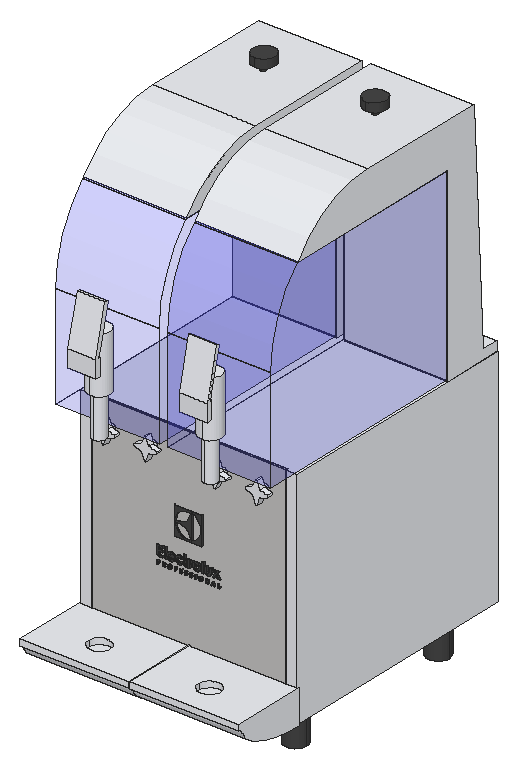
Revit family "QF_ELECTROLUXPROFESSIONAL_562534_IPRO2MUVR290", category Attrezzature speciali, Revit 2020
Family settings
  Quota connettore circolare = Usa diametro
  Tipo di parte = Normale
  Basato su piano di lavoro = No
  Sempre verticale = Sì
  Taglio con vuoti quando caricato = No
  Condiviso = No
  Punto di calcolo locali = No
Parameters (values of type "Standard")
  Weight = 60.00 kg
  Watts = 810 W
  Volts = 220 V
  URL Manufacturer = "https://www.electroluxprofessional.com/"
  URL = "https://www.electroluxprofessional.com/"
  Steam Supply Size = 0 mm
  Steam Supply Minimum Pressure = 0.0 Pa
  Steam Supply Maximum Pressure = 0.0 Pa
  Steam Consumption per Hour = 0
  Show Logo [instance] = yes
  Show Clearance [instance] = yes
  Refrigeration Suction Line Size = 0 mm
  Refrigeration Liquid Line Size = 0 mm
  Refrigerant Compressor Remote = yes
  Prospetto di default = 0 mm
  Produttore = "Electrolux Professional"
  Phase = 1
  Modello = "IPRO2MUVR290"
  Length Actual = 400 mm  # constant formula
  Item Number = "562534"
  Hot Water Size = 0 mm
  Height Actual = 870 mm  # constant formula
  HP = "1.1 HP"
  Gas Size = 0 mm
  Gas KW = 0
  Gas Input Pressure = 0 W
  Direct Waste Size = 0 mm
  Descrizione = "2X11 LT BOWL - FROZEN GRANITA DISPENSER - MECHANICAL CONTROL - 2 INSULATED BOWLS - UV LIGHT, R290"
  Depth Actual = 580 mm  # constant formula
  Cycle = 50 Hz
  Condensate Return Size = 0 mm
  Compressed Air Volume = 0.0 L/s
  Compressed Air Size = 0 mm
  Compressed Air Pressure = 0.0 Pa
  Cold Water Size = 0 mm
  Accessory = yes
Reference planes
  plane 1: z = 0
  plane 2 "LEFT": x = -300
  plane 3 "BACK": y = 282.5
  plane 4 "FRONT": y = -301.5
  plane 5: z = 873
  plane 6 "RIGHT": x = 95
  plane 7: x = -102.5
  plane 8: y = -282.5
  plane 9: x = -202.5
  plane 10: x = -2.5
  plane 11: z = 445
  plane 12: z = 677.97
  plane 13: z = 110
  plane 14: z = 900
  plane 15: through (60, -104.25, 3830) normal (-0.7071, -0.7071, 0)
  plane 16: through (60, -84.25, 3830) normal (0.7071, -0.7071, 0)
Forms (mm)
  Extrusion 1, solid, material "QF_Finishes_White"
    sketch origin (0, 0, 0) x (1, 0, 0) y (0, 1, 0)
      loop
        line (-296.5, 282.5) -> (-296.5, -167.5) -> (-276.5, -167.5) -> (-276.5, -162.5) -> (71.5, -162.5) -> (71.5, -167.5) -> (91.5, -167.5) -> (91.5, 282.5) -> (-296.5, 282.5)
    from 50 to 453
  Extrusion 2, solid, material "QF_Finishes_Stainless Steel"
    sketch origin (0, 0, 0) x (1, 0, 0) y (0, 1, 0)
      loop
        line (71, -163) -> (-276, -163) -> (-276, -167.5) -> (71, -167.5) -> (71, -163)
    from 110 to 453
  Extrusion 3, solid, material "QF_Finishes_Stainless Steel"
    sketch origin (-367.596, -267.273, 48) x (0, -1, 0) y (1, 0, 0)
      loop
        line (-163.023, 407.596) -> (-163.023, 427.596) -> (-183.023, 427.596) -> (-183.023, 407.596) -> (-163.023, 407.596)
    from 0 to 2
Dimensions and locks
  plane 3 "BACK" to plane 4 "FRONT" = 584 mm  (x3)
  plane 5 to level = 873 mm  (x2)
  plane 2 "LEFT" to plane 6 "RIGHT" = 395 mm
  equal spacing: plane 2 "LEFT", plane 7, plane 6 "RIGHT"
  plane 3 "BACK" to plane 8 = 565 mm
  plane 10 to plane 9 = 200 mm
  plane 12 to plane 11 = 232.97 mm
  level to plane 14 = 900 mm
  plane 13 to level = 110 mm
  plane 11 to plane 13 = 335 mm
  plane 6 "RIGHT" to plane 2 "LEFT" = 395 mm
  aligned and locked: level to plane 1
Automatic sketch dimensions
  Extrusion 1 sketch curve to plane 3 "BACK" = 0 mm
  plane 2 "LEFT" to Extrusion 1 sketch curve = 3.5 mm
  Extrusion 1 sketch curve to Extrusion 1 sketch curve = 20 mm
  Extrusion 1 sketch curve to plane 6 "RIGHT" = 23.5 mm
  Extrusion 1 sketch curve to plane 6 "RIGHT" = 3.5 mm
  Extrusion 1 sketch curve to plane 8 = 120 mm
  Extrusion 1 sketch curve to Extrusion 1 sketch curve = 5 mm  (x2)
  plane 2 "LEFT" to Extrusion 2 sketch curve = 24 mm
  Extrusion 2 sketch curve to plane 6 "RIGHT" = 24 mm
  Extrusion 2 sketch curve to plane 8 = 115 mm
  Extrusion 2 sketch curve to Extrusion 2 sketch curve = 4.5 mm
  Extrusion 3 sketch curve to plane 15 = 0 mm
  plane 16 to Extrusion 3 sketch curve = 0 mm
  Extrusion 3 sketch curve to plane 16 = 0 mm
  plane 10 to Extrusion 3 sketch curve = 42.5 mm
Nested families
  nested 1: "BOCCHETTONE BEVERAGE" at (-202.5, -260.625, 445), type "BOCCHETTONE BEVERAGE"
  nested 2: "BOCCHETTONE BEVERAGE" at (-2.5, -260.625, 445), type "BOCCHETTONE BEVERAGE"
  nested 3: "MANOPOLA BEVERAGE" at (-240, -167.5, 413) x (0, 0, 1) z (0, -1, 0), type "MANOPOLA BEVERAGE"
  nested 4: "MANOPOLA BEVERAGE" at (-165, -167.5, 413) x (0, 0, 1) z (0, -1, 0), type "MANOPOLA BEVERAGE"
  nested 5: "MANOPOLA BEVERAGE" at (35, -167.5, 413) x (0, 0, 1) z (0, -1, 0), type "MANOPOLA BEVERAGE"
  nested 6: "MANOPOLA BEVERAGE" at (-40, -167.5, 413) x (0, 0, 1) z (0, -1, 0), type "MANOPOLA BEVERAGE"
  nested 7: "MANOPOLA APERTURA BEVERAGE " at (-202.5, 125, 873) x (0, 1, 0) z (0, 0, 1), type "MANOPOLA APERTURA BEVERAGE "
  nested 8: "MANOPOLA APERTURA BEVERAGE " at (-2.5, 125, 873) x (0, 1, 0) z (0, 0, 1), type "MANOPOLA APERTURA BEVERAGE "
  nested 9: "ELXP_LOGO_ONLY_MEDIUM" at (-102.5, -167.5, 303) x (1, 0, 0) z (0, -1, 0), Show Logo <- "Show Logo", visible <- "Show Logo", type "ELXP_LOGO_ONLY_MEDIUM"
    with Show Logo yes
  nested 10: "ELX_LOGO_WORDS_MEDIUM" at (-102.5, -167.5, 238) x (1, 0, 0) z (0, -1, 0), visible <- "Show Logo", Show Logo <- "Show Logo", type "ELX_LOGO_WORDS_MEDIUM"
    with Show Logo yes
  nested 11: "VASCHETTA BEVERAGE" at (-201.25, -167.5, 80) x (1, 0, 0) z (0, -1, 0), type "VASCHETTA BEVERAGE"
  nested 12: "VASCHETTA BEVERAGE" at (-3.75, -167.5, 80) x (-1, 0, 0) z (0, -1, 0), type "VASCHETTA BEVERAGE"
  nested 13: "PORTAGRANITE BEVERAGE" at (-202.5, 28.972, 453), type "PORTAGRANITE BEVERAGE"
  nested 14: "PORTAGRANITE BEVERAGE" at (-2.5, 28.972, 453) x (-1, 0, 0) z (0, 0, 1), type "PORTAGRANITE BEVERAGE"
  nested 15: "Piedino 50x40 BEVERAGE" at (-268.5, 184.5, 0), type "Piedino 50x40 BEVERAGE"
    with H 150 mm
  nested 16: "Piedino 50x40 BEVERAGE" at (-268.5, -135.5, 0), type "Piedino 50x40 BEVERAGE"
    with H 150 mm
  nested 17: "Piedino 50x40 BEVERAGE" at (63.5, 184.5, 0) x (-1, 0, 0) z (0, 0, 1), type "Piedino 50x40 BEVERAGE"
    with H 150 mm
  nested 18: "Piedino 50x40 BEVERAGE" at (63.5, -135.5, 0) x (-1, 0, 0) z (0, 0, 1), type "Piedino 50x40 BEVERAGE"
    with H 150 mm
Connectors
  electrical at (50, -94.25, 48), driven by "Volts"
    settings: on Extrusion 3, index 72, voltage 220 V, apparent load 0 VA, apparent load phase1 0 VA, apparent load phase2 0 VA, apparent load phase3 0 VA, power factor 1, load classification "Altro", number of poles 1, system type 30, power factor state 1, is connector primary yes, connector utility no, sub classification motor no, connector description "Electrical Connection"
Definition of nested family "BOCCHETTONE BEVERAGE"
  Parameters (values of type "BOCCHETTONE BEVERAGE")
    Default Elevation = 1219.2 mm
  Reference planes
    plane 1 "Centro (Fronte/Retro)": y = 0
    plane 2: z = 0
    plane 3 "Centro (Sinistra/Destra)": x = 0
    plane 4: z = 233
    plane 5: y = -22
  Forms (mm)
    Extrusion 1, solid
      sketch origin (0, 0, 0) x (1, 0, 0) y (0, 1, 0)
        loop
          line (-1219.2, 1219.2) -> (-1219.2, -1219.2) -> (1219.2, -1219.2) -> (1219.2, 1219.2) -> (-1219.2, 1219.2)
      from 0 to -304.8
    Extrusion 2, solid
      sketch origin (0, 15.961, 0) x (0, -1, 0) y (1, 0, 0)
        loop
          circle (0, 0) r 12
      from 0 to 75
    Extrusion 3, solid
      sketch origin (0, 15.961, 75) x (0, -1, 0) y (1, 0, 0)
        loop
          circle (0, 0) r 20
      from 0 to 100
    Extrusion 4, void
      sketch origin (0, 0, 0) x (1, 0, 0) y (0, 1, 0)
        loop
          line (-27.179, -16.141) -> (-21.226, -10.188) -> (-6.226, -10.188) -> (-6.226, 12.684) -> (-27.179, 12.684) -> (-27.179, -16.141)
        loop
          line (27.179, -16.141) -> (27.179, 12.684) -> (6.226, 12.684) -> (6.226, -10.188) -> (21.226, -10.188) -> (27.179, -16.141)
      from 104.337 to 159.894
    Extrusion 5, solid
      sketch origin (25, 15.961, 29.221) x (0, -1, 0) y (0, 0, 1)
        loop
          line (11.922, 118.779) -> (11.922, 88.779) -> (37.961, 88.779) -> (37.961, 119.393) -> (16.929, 203.749) -> (12.077, 202.539) -> (32.961, 118.779) -> (11.922, 118.779)
      from 0 to 50
  Cuts and joins
    Extrusion 4 cuts Extrusion 5
    joined: Extrusion 3, Extrusion 5
  Dimensions and locks
    Extrusion 1 to plane 4 = 233 mm
    aligned and locked: plane 2 to Extrusion 1
    aligned and locked: level to Extrusion 1
Definition of nested family "MANOPOLA BEVERAGE"
  Parameters (values of type "MANOPOLA BEVERAGE")
    Default Elevation = 1219.2 mm
  Reference planes
    plane 1 "Centro (Fronte/Retro)": y = 0
    plane 2: z = 0
    plane 3 "Centro (Sinistra/Destra)": x = 0
    plane 4: z = 20
  Forms (mm)
    Extrusion 1, solid
      sketch origin (0, 0, 0) x (1, 0, 0) y (0, 1, 0)
        loop
          line (-1219.2, 1219.2) -> (-1219.2, -1219.2) -> (1219.2, -1219.2) -> (1219.2, 1219.2) -> (-1219.2, 1219.2)
      from 0 to -304.8
    Extrusion 2, solid
      sketch origin (0, 0, 10) x (1, 0, 0) y (0, 1, 0)
        loop
          line (-20, -1.333) -> (-6.314, -6.314) -> (-1.333, -20) -> (1.333, -20) -> (6.314, -6.314) -> (20, -1.333) -> (20, 1.333) -> (6.314, 6.314) -> (1.333, 20) -> (-1.333, 20) -> (-6.314, 6.314) -> (-20, 1.333) -> (-20, -1.333)
      from 0 to 10
    Extrusion 3, solid
      sketch origin (0, 0, 0) x (1, 0, 0) y (0, 1, 0)
        loop
          circle (0, 0) r 5
      from 0 to 10
  Dimensions and locks
    aligned and locked: plane 2 to Extrusion 1
    aligned and locked: level to Extrusion 1
Definition of nested family "MANOPOLA APERTURA BEVERAGE "
  Parameters (values of type "MANOPOLA APERTURA BEVERAGE ")
    Default Elevation = 1219.2 mm
  Reference planes
    plane 1 "Centro (Fronte/Retro)": y = 0
    plane 2: z = 0
    plane 3 "Centro (Sinistra/Destra)": x = 0
    plane 4: z = 27
  Forms (mm)
    Extrusion 1, solid
      sketch origin (0, 0, 0) x (1, 0, 0) y (0, 1, 0)
        loop
          line (-1219.2, 1219.2) -> (-1219.2, -1219.2) -> (1219.2, -1219.2) -> (1219.2, 1219.2) -> (-1219.2, 1219.2)
      from 0 to -304.8
    Extrusion 2, solid
      sketch origin (0, 0, 0) x (1, 0, 0) y (0, 1, 0)
        loop
          circle (0, 0) r 5
      from 0 to 12
    Extrusion 3, solid
      sketch origin (0, 0, 12) x (1, 0, 0) y (0, 1, 0)
        loop
          circle (0, 0) r 20
      from 0 to 15
  Dimensions and locks
    Extrusion 1 to plane 4 = 27 mm
    aligned and locked: plane 2 to Extrusion 1
    aligned and locked: level to Extrusion 1
Definition of nested family "ELXP_LOGO_ONLY_MEDIUM"
  Parameters (values of type "ELXP_LOGO_ONLY_MEDIUM")
    Show Logo [instance] = yes
    Default Elevation = 0 mm
  Reference planes
    plane 1 "Centro (Fronte/Retro)": y = 0
    plane 2: z = 0
    plane 3 "Centro (Sinistra/Destra)": x = 0
  Forms (mm)
    Extrusion 1, solid
      sketch origin (0, 0, 0) x (1, 0, 0) y (0, 1, 0)
        loop
          line (-1219.2, 1219.2) -> (-1219.2, -1219.2) -> (1219.2, -1219.2) -> (1219.2, 1219.2) -> (-1219.2, 1219.2)
      from 0 to -304.8
    Extrusion 2, solid, visible <- "Show Logo"
      sketch origin (15.862, -72.798, 0) x (1, 0, 0) y (0, 1, 0)
        loop
          line (-40.901, 47.952) -> (9.138, 47.952) -> (9.138, 97.923) -> (-40.901, 97.923) -> (-40.901, 47.952)
        loop
          line (-9.2, 95.47) -> (-9.2, 50.507)
          arc (-9.2, 50.507) -> (7.421, 72.988) -> (-9.2, 95.47) r 23.515
        loop
          line (-11.486, 92.214) -> (-11.486, 95.47)
          arc (-11.486, 95.47) -> (-30.185, 91.22) -> (-39.194, 74.292) r 23.044
          line (-39.194, 74.292) -> (-31.756, 74.292)
          arc (-31.756, 74.292) -> (-18.467, 79.686) -> (-11.486, 92.214) r 21.599
        loop
          arc (-39.194, 71.685) -> (-30.2, 54.618) -> (-11.486, 49.93) r 23.647
          line (-11.486, 49.93) -> (-11.486, 53.763)
          arc (-11.486, 53.763) -> (-18.467, 66.291) -> (-31.756, 71.685) r 21.599
          line (-31.756, 71.685) -> (-39.194, 71.685)
      from 0 to 1.644
  Dimensions and locks
    aligned and locked: plane 2 to Extrusion 1
    aligned and locked: level to Extrusion 1
Definition of nested family "ELX_LOGO_WORDS_MEDIUM"
  Parameters (values of type "ELX_LOGO_WORDS_MEDIUM")
    Show Logo [instance] = yes
    Default Elevation = 0 mm
  Reference planes
    plane 1 "Centro (Fronte/Retro)": y = 0
    plane 2: z = 0
    plane 3 "Centro (Sinistra/Destra)": x = 0
  Forms (mm)
    Extrusion 1, solid
      sketch origin (0, 0, 0) x (1, 0, 0) y (0, 1, 0)
        loop
          line (-1219.2, 1219.2) -> (-1219.2, -1219.2) -> (1219.2, -1219.2) -> (1219.2, 1219.2) -> (-1219.2, 1219.2)
      from 0 to -304.8
    Extrusion 2, solid, visible <- "Show Logo"
      sketch origin (0, 0, 0) x (1, 0, 0) y (0, 1, 0)
        loop
          line (-45.351, 15.842) -> (-56.505, 15.842) -> (-56.505, 2.853)
          arc (-56.505, 2.853) -> (-55.037, -0.691) -> (-51.493, -2.159) r 5.012
          line (-51.493, -2.159) -> (-45.135, -2.159) -> (-45.135, 0.755) -> (-50.767, 0.755)
          arc (-50.767, 0.755) -> (-52.618, 1.38) -> (-53.406, 3.168) r 2.423
          line (-53.406, 3.168) -> (-53.406, 5.743) -> (-45.833, 5.743) -> (-45.833, 8.668) -> (-53.406, 8.668) -> (-53.406, 12.925) -> (-45.351, 12.925) -> (-45.351, 15.842)
        loop
          line (-42.933, 15.842) -> (-42.933, -2.159) -> (-39.832, -2.159) -> (-39.832, 15.842) -> (-42.933, 15.842)
        loop
          line (24.405, 15.842) -> (24.405, -2.159) -> (27.508, -2.159) -> (27.508, 15.842) -> (24.405, 15.842)
        loop
          line (-34.705, 3.589) -> (-24.531, 3.589)
          arc (-24.531, 3.589) -> (-26.123, 9.178) -> (-31.565, 11.217) r 6.447
          arc (-31.565, 11.217) -> (-36.358, 8.786) -> (-37.726, 3.589) r 6.56
          arc (-37.726, 3.589) -> (-35.926, -0.757) -> (-31.58, -2.557) r 6.146
          arc (-31.58, -2.557) -> (-28.198, -2.058) -> (-25.362, -0.149) r 7.726
          line (-25.362, -0.149) -> (-27.199, 1.688)
          arc (-27.199, 1.688) -> (-29.61, 0.242) -> (-32.411, 0.485) r 4.558
          arc (-32.411, 0.485) -> (-34.119, 1.622) -> (-34.705, 3.589) r 3.019
        loop
          line (-34.628, 5.769) -> (-27.646, 5.769)
          arc (-27.646, 5.769) -> (-28.626, 7.83) -> (-30.779, 8.59) r 2.974
          arc (-30.779, 8.59) -> (-33.263, 7.943) -> (-34.628, 5.769) r 3.481
        loop
          line (-12.445, 7.067) -> (-10.499, 9.013)
          arc (-10.499, 9.013) -> (-12.94, 10.78) -> (-15.907, 11.309) r 6.746
          arc (-15.907, 11.309) -> (-20.432, 9.655) -> (-22.806, 5.463) r 6.977
          arc (-22.806, 5.463) -> (-18.803, -1.885) -> (-10.608, -0.191) r 7.026
          line (-10.608, -0.191) -> (-12.544, 1.745)
          arc (-12.544, 1.745) -> (-16.723, 0.362) -> (-19.717, 3.589) r 4.071
          arc (-19.717, 3.589) -> (-19.509, 6.14) -> (-17.752, 8.002) r 3.867
          arc (-17.752, 8.002) -> (-14.941, 8.431) -> (-12.445, 7.067) r 4.442
        loop
          line (-8.594, 15.842) -> (-8.594, 3.541)
          arc (-8.594, 3.541) -> (-8.326, 1.695) -> (-7.635, -0.038) r 7.951
          arc (-7.635, -0.038) -> (-5.422, -1.797) -> (-2.62, -2.167) r 5.297
          line (-2.62, -2.167) -> (-2.62, 0.738)
          arc (-2.62, 0.738) -> (-3.453, 0.802) -> (-4.23, 1.109) r 2.792
          arc (-4.23, 1.109) -> (-5.227, 2.163) -> (-5.494, 3.589) r 2.57
          line (-5.494, 3.589) -> (-5.494, 8.043) -> (-2.678, 8.043) -> (-2.678, 10.86) -> (-5.494, 10.86) -> (-5.494, 15.842) -> (-8.594, 15.842)
        loop
          arc (3.006, 4.684) -> (3.228, 5.982) -> (3.868, 7.133) r 3.911
          arc (3.868, 7.133) -> (5.725, 8.086) -> (7.812, 8.043) r 4.26
          line (7.812, 8.043) -> (7.812, 11.023)
          arc (7.812, 11.023) -> (5.085, 10.766) -> (3.006, 8.983) r 4.524
          line (3.006, 8.983) -> (3.006, 10.86) -> (-0.069, 10.86) -> (-0.069, -2.159) -> (3.006, -2.159) -> (3.006, 4.684)
        loop
          circle (15.393, 4.348) r 6.899
        loop
          circle (15.393, 4.348) r 4.181
        loop
          arc (38.69, 3.262) -> (37.924, 1.158) -> (35.848, 0.319) r 2.752
          arc (35.848, 0.319) -> (33.771, 1.158) -> (33.005, 3.262) r 2.752
          line (33.005, 3.262) -> (33.005, 10.859) -> (29.879, 10.859) -> (29.879, 3.004)
          arc (29.879, 3.004) -> (31.658, -1.052) -> (35.848, -2.489) r 5.512
          arc (35.848, -2.489) -> (40.084, -1.008) -> (41.815, 3.132) r 5.512
          line (41.815, 3.132) -> (41.815, 10.859) -> (38.69, 10.859) -> (38.69, 3.262)
        loop
          line (43.689, 10.859) -> (48.192, 4.746) -> (43.245, -2.164) -> (46.578, -2.164) -> (49.861, 2.422) -> (53.193, -2.164) -> (56.505, -2.164) -> (51.629, 4.817) -> (56.087, 10.859) -> (52.703, 10.859) -> (49.851, 6.995) -> (47.043, 10.859) -> (43.689, 10.859)
        loop
          line (-53.813, -9.621) -> (-56.285, -9.621) -> (-56.285, -15.847) -> (-54.932, -15.847) -> (-54.932, -13.703) -> (-53.437, -13.703)
          arc (-53.437, -13.703) -> (-51.764, -11.49) -> (-53.813, -9.621) r 2.058
        loop
          arc (-53.496, -12.48) -> (-52.984, -11.679) -> (-53.496, -10.879) r 0.881
          line (-53.496, -10.879) -> (-54.932, -10.879) -> (-54.932, -12.48) -> (-53.496, -12.48)
        loop
          line (-44.045, -9.621) -> (-46.56, -9.621) -> (-46.56, -15.847) -> (-45.207, -15.847) -> (-45.207, -13.703) -> (-43.898, -13.703) -> (-43.003, -15.847) -> (-41.55, -15.847) -> (-42.774, -13.222)
          arc (-42.774, -13.222) -> (-42.188, -12.521) -> (-41.991, -11.628) r 1.922
          arc (-41.991, -11.628) -> (-42.609, -10.206) -> (-44.045, -9.621) r 2.055
        loop
          line (-45.207, -10.879) -> (-45.207, -12.48) -> (-43.771, -12.48)
          arc (-43.771, -12.48) -> (-43.258, -11.679) -> (-43.771, -10.879) r 0.881
          line (-43.771, -10.879) -> (-45.207, -10.879)
        loop
          circle (-33.602, -12.734) r 3.233
        loop
          circle (-33.602, -12.734) r 2.052
        loop
          line (-25.054, -9.622) -> (-25.054, -15.847) -> (-23.734, -15.847) -> (-23.734, -13.671) -> (-21.392, -13.671) -> (-21.392, -12.276) -> (-23.734, -12.276) -> (-23.734, -10.963) -> (-21.167, -10.963) -> (-21.167, -9.622) -> (-25.054, -9.622)
        loop
          line (-15.917, -9.622) -> (-15.917, -13.825)
          arc (-15.917, -13.825) -> (-15.343, -15.249) -> (-13.926, -15.842) r 1.991
          line (-13.926, -15.842) -> (-11.917, -15.842) -> (-11.917, -14.666) -> (-13.806, -14.666)
          arc (-13.806, -14.666) -> (-14.501, -14.091) -> (-14.638, -13.198) r 1.267
          line (-14.638, -13.198) -> (-12.15, -13.198) -> (-12.15, -12.023) -> (-14.638, -12.023) -> (-14.638, -10.797) -> (-11.977, -10.797) -> (-11.977, -9.622) -> (-15.917, -9.622)
        loop
          arc (6.626, -10.41) -> (5.801, -9.733) -> (4.757, -9.518) r 2.228
          arc (4.757, -9.518) -> (3.792, -9.755) -> (2.999, -10.352) r 2.468
          arc (2.999, -10.352) -> (2.853, -11.766) -> (3.765, -12.856) r 1.825
          arc (3.765, -12.856) -> (4.531, -13.112) -> (5.259, -13.464) r 6.301
          arc (5.259, -13.464) -> (5.719, -14.005) -> (5.402, -14.641) r 0.645
          arc (5.402, -14.641) -> (4.814, -14.78) -> (4.228, -14.631) r 1.269
          arc (4.228, -14.631) -> (3.722, -14.266) -> (3.412, -13.725) r 1.474
          line (3.412, -13.725) -> (2.324, -14.233)
          arc (2.324, -14.233) -> (2.716, -14.99) -> (3.348, -15.561) r 2.393
          arc (3.348, -15.561) -> (4.065, -15.867) -> (4.841, -15.945) r 2.579
          arc (4.841, -15.945) -> (5.8, -15.754) -> (6.664, -15.295) r 3.369
          arc (6.664, -15.295) -> (7.045, -14.28) -> (6.848, -13.214) r 2.023
          arc (6.848, -13.214) -> (6.423, -12.723) -> (5.879, -12.368) r 2.346
          arc (5.879, -12.368) -> (5.19, -12.061) -> (4.485, -11.796) r 12.353
          arc (4.485, -11.796) -> (4.077, -11.162) -> (4.666, -10.692) r 0.562
          arc (4.666, -10.692) -> (5.372, -10.862) -> (5.915, -11.344) r 1.497
          line (5.915, -11.344) -> (6.626, -10.41)
        loop
          line (12.337, -9.622) -> (12.337, -15.842) -> (13.616, -15.842) -> (13.616, -9.622) -> (12.337, -9.622)
        loop
          circle (22.24, -12.732) r 1.935
        loop
          circle (22.24, -12.732) r 3.231
        loop
          line (30.821, -15.842) -> (32.114, -15.842) -> (32.114, -11.931) -> (34.96, -15.842) -> (36.203, -15.842) -> (36.203, -9.622) -> (34.911, -9.622) -> (34.911, -13.651) -> (32.065, -9.622) -> (30.821, -9.622) -> (30.821, -15.842)
        loop
          line (42.652, -15.842) -> (43.258, -14.5) -> (45.559, -14.5) -> (46.165, -15.842) -> (47.54, -15.842) -> (44.912, -9.622) -> (43.712, -9.622) -> (41.279, -15.842) -> (42.652, -15.842)
        loop
          line (44.985, -13.224) -> (44.369, -11.857) -> (43.77, -13.224) -> (44.985, -13.224)
        loop
          line (53.893, -14.666) -> (53.893, -9.622) -> (52.614, -9.622) -> (52.614, -15.842) -> (56.285, -15.842) -> (56.285, -14.666) -> (53.893, -14.666)
        loop
          arc (-2.701, -10.41) -> (-3.525, -9.733) -> (-4.57, -9.518) r 2.228
          arc (-4.57, -9.518) -> (-5.534, -9.755) -> (-6.327, -10.352) r 2.468
          arc (-6.327, -10.352) -> (-6.473, -11.766) -> (-5.562, -12.856) r 1.825
          arc (-5.562, -12.856) -> (-4.795, -13.112) -> (-4.067, -13.464) r 6.301
          arc (-4.067, -13.464) -> (-3.608, -14.005) -> (-3.924, -14.641) r 0.645
          arc (-3.924, -14.641) -> (-4.512, -14.78) -> (-5.098, -14.631) r 1.269
          arc (-5.098, -14.631) -> (-5.604, -14.266) -> (-5.914, -13.725) r 1.474
          line (-5.914, -13.725) -> (-7.002, -14.233)
          arc (-7.002, -14.233) -> (-6.61, -14.99) -> (-5.978, -15.561) r 2.393
          arc (-5.978, -15.561) -> (-5.261, -15.867) -> (-4.485, -15.945) r 2.579
          arc (-4.485, -15.945) -> (-3.526, -15.754) -> (-2.663, -15.295) r 3.369
          arc (-2.663, -15.295) -> (-2.281, -14.28) -> (-2.478, -13.214) r 2.023
          arc (-2.478, -13.214) -> (-2.903, -12.723) -> (-3.448, -12.368) r 2.346
          arc (-3.448, -12.368) -> (-4.136, -12.061) -> (-4.842, -11.796) r 12.353
          arc (-4.842, -11.796) -> (-5.249, -11.162) -> (-4.66, -10.692) r 0.562
          arc (-4.66, -10.692) -> (-3.954, -10.862) -> (-3.412, -11.344) r 1.497
          line (-3.412, -11.344) -> (-2.701, -10.41)
      from 0 to 1.644
  Dimensions and locks
    aligned and locked: plane 2 to Extrusion 1
    aligned and locked: level to Extrusion 1
Definition of nested family "VASCHETTA BEVERAGE"
  Parameters (values of type "VASCHETTA BEVERAGE")
    Default Elevation = 1219.2 mm
  Reference planes
    plane 1 "Centro (Fronte/Retro)": y = 0
    plane 2: z = 0
    plane 3 "Centro (Sinistra/Destra)": x = 0
  Forms (mm)
    Extrusion 1, solid
      sketch origin (0, 0, 0) x (1, 0, 0) y (0, 1, 0)
        loop
          line (-1219.2, 1219.2) -> (-1219.2, -1219.2) -> (1219.2, -1219.2) -> (1219.2, 1219.2) -> (-1219.2, 1219.2)
      from 0 to -304.8
    Extrusion 2, solid
      sketch origin (-97.5, -80, -167.5) x (0, 0, -1) y (0, 1, 0)
        loop
          line (-167.5, 110) -> (-301.5, 110) -> (-301.5, 100) -> (-296.403, 100)
          spline (-296.403, 100) -> (-294.717, 93.399) -> (-290.961, 86.937) -> (-285.195, 80.722) -> (-277.513, 74.853) -> (-268.041, 69.426) -> (-256.932, 64.529) -> (-244.367, 60.243) -> (-230.551, 56.637) -> (-215.709, 53.769) -> (-200.082, 51.686) -> (-183.925, 50.423) -> (-167.5, 50)
          line (-167.5, 50) -> (-167.5, 110)
      from 0 to 195
    Extrusion 3, void
      sketch origin (202.5, -80, -167.5) x (1, 0, 0) y (0, 0, -1)
        loop
          circle (-202.5, -244.664) r 20
      from 100 to 110
  Cuts and joins
    Extrusion 3 cuts Extrusion 2
  Dimensions and locks
    aligned and locked: plane 2 to Extrusion 1
    aligned and locked: level to Extrusion 1
Definition of nested family "PORTAGRANITE BEVERAGE"
  Parameters (values of type "PORTAGRANITE BEVERAGE")
    Default Elevation = 1219.2 mm
  Reference planes
    plane 1 "Centro (Fronte/Retro)": y = 0
    plane 2: z = 0
    plane 3 "Centro (Sinistra/Destra)": x = 0
    plane 4: z = 233
    plane 5: y = -36.472
    plane 6: z = 338
  Forms (mm)
    Extrusion 1, solid
      sketch origin (0, 0, 0) x (1, 0, 0) y (0, 1, 0)
        loop
          line (-1219.2, 1219.2) -> (-1219.2, -1219.2) -> (1219.2, -1219.2) -> (1219.2, 1219.2) -> (-1219.2, 1219.2)
      from 0 to -304.8
    Extrusion 2, solid
      sketch origin (-92.5, -28.972, -376) x (0, 1, 0) y (0, 0, 1)
        loop
          line (172.5, 716) -> (172.5, 376) -> (282.5, 376) -> (282.5, 393) -> (251.241, 393) -> (230.12, 796) -> (-7.5, 796)
          arc (-7.5, 796) -> (-94.678, 774.819) -> (-162.419, 716) r 190
          line (-162.419, 716) -> (172.5, 716)
      from 0 to 185
    Extrusion 3, solid
      sketch origin (-100, -28.972, -376) x (0, 1, 0) y (0, 0, 1)
        loop
          line (170.5, 378) -> (170.5, 714) -> (-164.355, 714)
          arc (-164.355, 714) -> (-209.023, 644.734) -> (-224.664, 563.812) r 217.164
          line (-224.664, 563.812) -> (-224.664, 378) -> (170.5, 378)
      from 7.5 to 192.5
  Dimensions and locks
    Extrusion 1 to plane 4 = 233 mm
    aligned and locked: plane 2 to Extrusion 1
    aligned and locked: level to Extrusion 1
Definition of nested family "Piedino 50x40 BEVERAGE"
  Parameters (values of type "Piedino 50x40 BEVERAGE")
    Default Elevation = 0 mm
    H [instance] = 150 mm
  Reference planes
    plane 1 "Centro (Fronte/Retro)": y = 0
    plane 2: z = 0
    plane 3 "Centro (Sinistra/Destra)": x = 0
  Forms (mm)
    Revolve 1, solid
      sketch origin (55, 0, 0) x (-1, 0, 0) y (0, 0, -1)
        loop
          line (55, 0) -> (35, 0) -> (35, -50) -> (55, -50) -> (55, 0)
        axis (55, 0) -> (55, -50)
      angle from 0 to 360
  Dimensions and locks
    aligned and locked: level to plane 2
